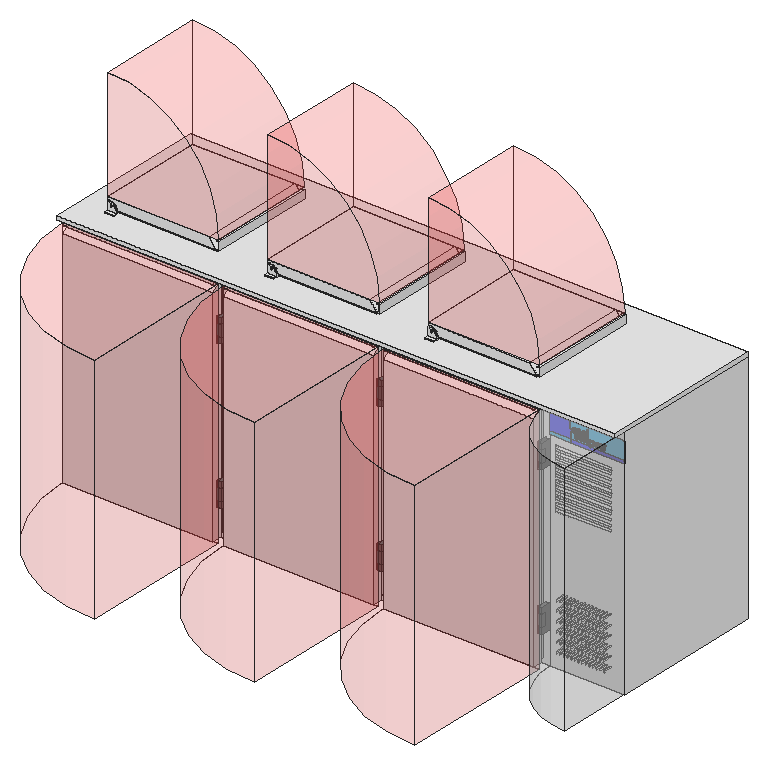
Revit family "QF_Cool-Compact_Abfallkuehler_3x120L_ZK", category Sonderausstattung, Revit 2020 (continued)
Automatic sketch dimensions
  curve 4 to curve 1 = 22.464 mm
  curve 20 to curve 20 = 0.052 mm
  curve 7 to curve 7 = 0.052 mm
  curve 16 to curve 24 = 7.765 mm
  curve 3 to curve 11 = 7.765 mm
  plane 1 "Hinten" to Extrusion 1 sketch curve = 0 mm
  Extrusion 1 sketch curve to plane 3 "Links" = 0 mm
  Extrusion 1 sketch curve to plane 6 "Rechts" = 0 mm
  plane 4 "Vorne" to Extrusion 1 sketch curve = 0 mm
  plane 6 "Rechts" to Extrusion 2 sketch curve = 0 mm
  Extrusion 2 sketch curve to plane 5 "Oben" = 31.491 mm
  Extrusion 2 sketch curve to plane 6 "Rechts" = 925.287 mm
  plane 6 "Rechts" to Extrusion 2 sketch curve = 81.113 mm
  Extrusion 2 sketch curve to Extrusion 2 sketch curve = 2.867 mm  (x2)
  Extrusion 2 sketch curve to Extrusion 2 sketch curve = 4.399 mm  (x3)
  Extrusion 2 sketch curve to Extrusion 2 sketch curve = 1.665 mm
  Extrusion 2 sketch curve to Extrusion 2 sketch curve = 4.578 mm
  Extrusion 2 sketch curve to Extrusion 2 sketch curve = 3.02 mm
  Extrusion 2 sketch curve to Extrusion 2 sketch curve = 1.058 mm
  Extrusion 2 sketch curve to Extrusion 2 sketch curve = 4.077 mm
  Extrusion 2 sketch curve to Extrusion 2 sketch curve = 5.409 mm
  Extrusion 2 sketch curve to Extrusion 2 sketch curve = 5.594 mm
  Extrusion 2 sketch curve to Extrusion 2 sketch curve = 0.116 mm  (x3)
  Extrusion 2 sketch curve to Extrusion 2 sketch curve = 0.154 mm  (x2)
  Extrusion 2 sketch curve to Extrusion 2 sketch curve = 4.715 mm
  Extrusion 2 sketch curve to Extrusion 2 sketch curve = 4.477 mm  (x3)
  Extrusion 2 sketch curve to Extrusion 2 sketch curve = 2.31 mm
  Extrusion 2 sketch curve to Extrusion 2 sketch curve = 6.516 mm
  Extrusion 2 sketch curve to Extrusion 2 sketch curve = 4.398 mm  (x4)
  Extrusion 2 sketch curve to Extrusion 2 sketch curve = 4.366 mm
  Extrusion 2 sketch curve to Extrusion 2 sketch curve = 4.405 mm  (x2)
  Extrusion 2 sketch curve to Extrusion 2 sketch curve = 0.349 mm
  Extrusion 2 sketch curve to Extrusion 2 sketch curve = 0.388 mm
  Extrusion 2 sketch curve to Extrusion 2 sketch curve = 4.476 mm
  Extrusion 2 sketch curve to Extrusion 2 sketch curve = 2.307 mm
  Extrusion 2 sketch curve to plane 5 "Oben" = 97.913 mm  (x2)
  Extrusion 2 sketch curve to Extrusion 2 sketch curve = 4.017 mm  (x2)
  Extrusion 2 sketch curve to Extrusion 2 sketch curve = 4.056 mm
  Extrusion 2 sketch curve to Extrusion 2 sketch curve = 0.348 mm
  Extrusion 2 sketch curve to Extrusion 2 sketch curve = 0.426 mm  (x2)
  Extrusion 2 sketch curve to Extrusion 2 sketch curve = 4.753 mm
  Extrusion 2 sketch curve to Extrusion 2 sketch curve = 4.792 mm
  Extrusion 2 sketch curve to Extrusion 2 sketch curve = 4.599 mm
  Extrusion 2 sketch curve to Extrusion 2 sketch curve = 4.4 mm  (x2)
  Extrusion 2 sketch curve to Extrusion 2 sketch curve = 7.484 mm
  Extrusion 2 sketch curve to plane 5 "Oben" = 100.467 mm
  Extrusion 2 sketch curve to Extrusion 2 sketch curve = 4.102 mm
  Extrusion 2 sketch curve to Extrusion 2 sketch curve = 9.001 mm
  Extrusion 2 sketch curve to Extrusion 2 sketch curve = 0.138 mm
  Extrusion 2 sketch curve to plane 5 "Oben" = 102.079 mm  (x2)
  Extrusion 2 sketch curve to Extrusion 2 sketch curve = 2.081 mm
  Extrusion 2 sketch curve to Extrusion 2 sketch curve = 4.704 mm
  Extrusion 2 sketch curve to Extrusion 2 sketch curve = 4.26 mm
  Extrusion 2 sketch curve to plane 5 "Oben" = 105.672 mm
  Extrusion 2 sketch curve to plane 5 "Oben" = 79.712 mm  (x2)
  Extrusion 2 sketch curve to Extrusion 2 sketch curve = 3.485 mm
  Extrusion 2 sketch curve to plane 5 "Oben" = 88.818 mm  (x2)
  Extrusion 2 sketch curve to Extrusion 2 sketch curve = 3.489 mm
  Extrusion 2 sketch curve to plane 5 "Oben" = 82.525 mm
  Extrusion 2 sketch curve to Extrusion 2 sketch curve = 0.129 mm  (x3)
  Extrusion 2 sketch curve to plane 5 "Oben" = 86.007 mm  (x2)
  Extrusion 2 sketch curve to Extrusion 2 sketch curve = 1.309 mm
  Extrusion 2 sketch curve to plane 5 "Oben" = 83.879 mm  (x4)
  Extrusion 2 sketch curve to Extrusion 2 sketch curve = 0.953 mm
  Extrusion 2 sketch curve to plane 5 "Oben" = 84.656 mm  (x4)
  Extrusion 2 sketch curve to Extrusion 2 sketch curve = 0.003 mm
  Extrusion 2 sketch curve to plane 5 "Oben" = 90.448 mm
  Extrusion 2 sketch curve to Extrusion 2 sketch curve = 1.087 mm
  Extrusion 2 sketch curve to plane 5 "Oben" = 78.118 mm  (x2)
  Extrusion 2 sketch curve to Extrusion 2 sketch curve = 1.094 mm  (x2)
  Extrusion 2 sketch curve to Extrusion 2 sketch curve = 0.771 mm
  Extrusion 2 sketch curve to plane 5 "Oben" = 87.278 mm  (x2)
  Extrusion 2 sketch curve to Extrusion 2 sketch curve = 2.594 mm  (x3)
  Extrusion 2 sketch curve to plane 5 "Oben" = 81.282 mm  (x2)
  Extrusion 2 sketch curve to Extrusion 2 sketch curve = 2.598 mm
  Extrusion 2 sketch curve to plane 5 "Oben" = 91.933 mm  (x4)
  Extrusion 2 sketch curve to Extrusion 2 sketch curve = 2.503 mm
  Extrusion 2 sketch curve to plane 5 "Oben" = 76.602 mm  (x4)
  Extrusion 2 sketch curve to Extrusion 2 sketch curve = 2.501 mm
  Extrusion 2 sketch curve to plane 5 "Oben" = 88.894 mm  (x4)
  Extrusion 2 sketch curve to Extrusion 2 sketch curve = 0.981 mm  (x6)
  Extrusion 2 sketch curve to plane 5 "Oben" = 79.672 mm  (x4)
  Extrusion 2 sketch curve to plane 5 "Oben" = 103.367 mm
  Extrusion 2 sketch curve to Extrusion 2 sketch curve = 2.245 mm
  Extrusion 2 sketch curve to plane 5 "Oben" = 82.247 mm  (x4)
  Extrusion 2 sketch curve to Extrusion 2 sketch curve = 1.741 mm  (x4)
  Extrusion 2 sketch curve to plane 5 "Oben" = 86.316 mm  (x4)
  Extrusion 2 sketch curve to plane 5 "Oben" = 106.446 mm
  Extrusion 2 sketch curve to Extrusion 2 sketch curve = 0.494 mm
  Extrusion 2 sketch curve to Extrusion 2 sketch curve = 2.738 mm
  Extrusion 2 sketch curve to plane 5 "Oben" = 91.415 mm  (x2)
  Extrusion 2 sketch curve to Extrusion 2 sketch curve = 1.555 mm  (x2)
  Extrusion 2 sketch curve to plane 5 "Oben" = 77.12 mm  (x3)
  Extrusion 2 sketch curve to plane 5 "Oben" = 80.725 mm  (x4)
  Extrusion 2 sketch curve to Extrusion 2 sketch curve = 0.954 mm  (x7)
  Extrusion 2 sketch curve to plane 5 "Oben" = 87.84 mm  (x4)
  Extrusion 2 sketch curve to plane 5 "Oben" = 91.915 mm  (x4)
  Extrusion 2 sketch curve to Extrusion 2 sketch curve = 0.531 mm  (x3)
  Extrusion 2 sketch curve to plane 5 "Oben" = 76.618 mm  (x2)
  Extrusion 2 sketch curve to Extrusion 2 sketch curve = 0.532 mm
  Extrusion 2 sketch curve to plane 5 "Oben" = 75.11 mm  (x4)
  Extrusion 2 sketch curve to Extrusion 2 sketch curve = 0.654 mm  (x3)
  Extrusion 2 sketch curve to plane 5 "Oben" = 93.425 mm
  Extrusion 2 sketch curve to Extrusion 2 sketch curve = 0.656 mm
  Extrusion 2 sketch curve to plane 5 "Oben" = 84.27 mm  (x4)
  Extrusion 2 sketch curve to Extrusion 2 sketch curve = 3.614 mm
  Extrusion 2 sketch curve to Extrusion 2 sketch curve = 2.441 mm  (x3)
  Extrusion 2 sketch curve to plane 5 "Oben" = 94.939 mm  (x2)
  Extrusion 2 sketch curve to plane 5 "Oben" = 76.746 mm  (x4)
  Extrusion 2 sketch curve to Extrusion 2 sketch curve = 2.496 mm  (x4)
  Extrusion 2 sketch curve to plane 5 "Oben" = 91.79 mm  (x4)
  Extrusion 2 sketch curve to Extrusion 2 sketch curve = 0.01 mm  (x2)
  Extrusion 2 sketch curve to plane 5 "Oben" = 89.829 mm  (x3)
  Extrusion 2 sketch curve to Extrusion 2 sketch curve = 1.675 mm  (x2)
  Extrusion 2 sketch curve to Extrusion 2 sketch curve = 1.695 mm  (x2)
  Extrusion 2 sketch curve to Extrusion 2 sketch curve = 1.805 mm  (x4)
  Extrusion 2 sketch curve to plane 5 "Oben" = 73.597 mm
  Extrusion 2 sketch curve to Extrusion 2 sketch curve = 0.76 mm  (x3)
  Extrusion 2 sketch curve to plane 5 "Oben" = 102.099 mm
  Extrusion 2 sketch curve to Extrusion 2 sketch curve = 2.748 mm
  Extrusion 2 sketch curve to plane 5 "Oben" = 111.205 mm
  Extrusion 2 sketch curve to Extrusion 2 sketch curve = 2.75 mm
  Extrusion 2 sketch curve to plane 5 "Oben" = 104.912 mm
  Extrusion 2 sketch curve to Extrusion 2 sketch curve = 0.128 mm
  Extrusion 2 sketch curve to plane 5 "Oben" = 108.395 mm  (x2)
  Extrusion 2 sketch curve to plane 5 "Oben" = 107.041 mm  (x2)
  Extrusion 2 sketch curve to Extrusion 2 sketch curve = 0.95 mm
  Extrusion 2 sketch curve to plane 5 "Oben" = 106.264 mm  (x2)
  Extrusion 2 sketch curve to Extrusion 2 sketch curve = 0 mm  (x8)
  Extrusion 2 sketch curve to plane 5 "Oben" = 112.835 mm
  Extrusion 2 sketch curve to Extrusion 2 sketch curve = 1.086 mm
  Extrusion 2 sketch curve to plane 5 "Oben" = 100.506 mm
  Extrusion 2 sketch curve to Extrusion 2 sketch curve = 1.092 mm
  Extrusion 2 sketch curve to Extrusion 2 sketch curve = 2.442 mm  (x9)
  Extrusion 2 sketch curve to plane 5 "Oben" = 93.426 mm  (x3)
  Extrusion 2 sketch curve to Extrusion 2 sketch curve = 0.653 mm  (x4)
  Extrusion 2 sketch curve to Extrusion 2 sketch curve = 3.391 mm  (x2)
  Extrusion 2 sketch curve to plane 5 "Oben" = 77.119 mm
  Extrusion 2 sketch curve to Extrusion 2 sketch curve = 0.534 mm  (x2)
  Extrusion 2 sketch curve to plane 5 "Oben" = 91.417 mm  (x2)
  Extrusion 2 sketch curve to plane 5 "Oben" = 109.664 mm
  Extrusion 2 sketch curve to plane 5 "Oben" = 103.668 mm
  Extrusion 2 sketch curve to Extrusion 2 sketch curve = 2.597 mm  (x2)
  Extrusion 2 sketch curve to Extrusion 2 sketch curve = 0.982 mm  (x4)
  Extrusion 2 sketch curve to Extrusion 2 sketch curve = 0.984 mm  (x2)
  Extrusion 2 sketch curve to plane 5 "Oben" = 98.987 mm  (x2)
  Extrusion 2 sketch curve to Extrusion 2 sketch curve = 2.5 mm  (x2)
  Extrusion 2 sketch curve to plane 5 "Oben" = 114.319 mm  (x2)
  Extrusion 2 sketch curve to Extrusion 2 sketch curve = 2.504 mm  (x2)
  Extrusion 2 sketch curve to plane 5 "Oben" = 111.28 mm  (x2)
  Extrusion 2 sketch curve to plane 5 "Oben" = 102.057 mm  (x2)
  Extrusion 2 sketch curve to Extrusion 2 sketch curve = 1.553 mm  (x2)
  Extrusion 2 sketch curve to plane 5 "Oben" = 104.634 mm  (x2)
  Extrusion 2 sketch curve to Extrusion 2 sketch curve = 1.74 mm  (x3)
  Extrusion 2 sketch curve to plane 5 "Oben" = 108.703 mm  (x2)
  Extrusion 2 sketch curve to plane 5 "Oben" = 87.279 mm
  Extrusion 2 sketch curve to Extrusion 2 sketch curve = 0.955 mm  (x4)
  Extrusion 2 sketch curve to plane 5 "Oben" = 81.28 mm  (x2)
  Extrusion 2 sketch curve to Extrusion 2 sketch curve = 0.956 mm  (x3)
  Extrusion 2 sketch curve to plane 5 "Oben" = 99.506 mm  (x2)
  Extrusion 2 sketch curve to Extrusion 2 sketch curve = 1.556 mm  (x2)
  Extrusion 2 sketch curve to plane 5 "Oben" = 113.803 mm  (x2)
  Extrusion 2 sketch curve to plane 5 "Oben" = 110.227 mm  (x2)
  Extrusion 2 sketch curve to plane 5 "Oben" = 103.111 mm  (x2)
  Extrusion 2 sketch curve to plane 5 "Oben" = 99.004 mm  (x2)
  Extrusion 2 sketch curve to plane 5 "Oben" = 114.302 mm  (x2)
  Extrusion 2 sketch curve to plane 5 "Oben" = 115.812 mm  (x2)
  Extrusion 2 sketch curve to plane 5 "Oben" = 97.498 mm  (x2)
  Extrusion 2 sketch curve to plane 5 "Oben" = 78.115 mm  (x2)
  Extrusion 2 sketch curve to Extrusion 2 sketch curve = 2.506 mm  (x2)
  Extrusion 2 sketch curve to plane 5 "Oben" = 90.452 mm  (x2)
  Extrusion 2 sketch curve to Extrusion 2 sketch curve = 2.51 mm
  Extrusion 2 sketch curve to Extrusion 2 sketch curve = 1.67 mm  (x3)
  Extrusion 2 sketch curve to Extrusion 2 sketch curve = 0.002 mm  (x3)
  Extrusion 2 sketch curve to plane 5 "Oben" = 86.008 mm  (x2)
  Extrusion 2 sketch curve to plane 5 "Oben" = 82.523 mm
  Extrusion 2 sketch curve to Extrusion 2 sketch curve = 0.952 mm  (x4)
  Extrusion 2 sketch curve to plane 5 "Oben" = 88.814 mm
  Extrusion 2 sketch curve to Extrusion 2 sketch curve = 1.045 mm
  Extrusion 2 sketch curve to plane 5 "Oben" = 79.716 mm  (x2)
  Extrusion 2 sketch curve to Extrusion 2 sketch curve = 1.05 mm
  Extrusion 2 sketch curve to plane 5 "Oben" = 106.656 mm  (x2)
  Extrusion 2 sketch curve to Extrusion 2 sketch curve = 3.613 mm
  Extrusion 2 sketch curve to plane 5 "Oben" = 117.325 mm
  Extrusion 2 sketch curve to plane 5 "Oben" = 114.175 mm  (x2)
  Extrusion 2 sketch curve to Extrusion 2 sketch curve = 2.495 mm  (x2)
  Extrusion 2 sketch curve to plane 5 "Oben" = 99.133 mm  (x2)
  Extrusion 2 sketch curve to plane 5 "Oben" = 101.12 mm  (x2)
  Extrusion 2 sketch curve to Extrusion 2 sketch curve = 0.012 mm  (x2)
  Extrusion 2 sketch curve to plane 5 "Oben" = 108.19 mm
  Extrusion 2 sketch curve to Extrusion 2 sketch curve = 0.762 mm
  Extrusion 2 sketch curve to plane 5 "Oben" = 108.192 mm
  Extrusion 2 sketch curve to Extrusion 2 sketch curve = 1.673 mm  (x2)
  Extrusion 2 sketch curve to Extrusion 2 sketch curve = 1.696 mm  (x4)
  Extrusion 2 sketch curve to plane 5 "Oben" = 95.983 mm
  Extrusion 2 sketch curve to Extrusion 2 sketch curve = 0.761 mm
  Extrusion 2 sketch curve to Extrusion 2 sketch curve = 4.013 mm
  Extrusion 2 sketch curve to plane 5 "Oben" = 82.524 mm  (x2)
  Extrusion 2 sketch curve to Extrusion 2 sketch curve = 0.13 mm  (x2)
  Extrusion 2 sketch curve to Extrusion 2 sketch curve = 0.001 mm  (x5)
  Extrusion 2 sketch curve to plane 5 "Oben" = 90.449 mm
  Extrusion 2 sketch curve to Extrusion 2 sketch curve = 1.088 mm
  Extrusion 2 sketch curve to Extrusion 2 sketch curve = 0.652 mm  (x4)
  Extrusion 2 sketch curve to Extrusion 2 sketch curve = 3.392 mm  (x4)
  Extrusion 2 sketch curve to Extrusion 2 sketch curve = 0.535 mm  (x4)
  Extrusion 2 sketch curve to Extrusion 2 sketch curve = 1.742 mm  (x3)
  Extrusion 2 sketch curve to Extrusion 2 sketch curve = 1.552 mm  (x3)
  Extrusion 2 sketch curve to Extrusion 2 sketch curve = 1.739 mm  (x2)
  Extrusion 2 sketch curve to plane 5 "Oben" = 109.665 mm
  Extrusion 2 sketch curve to plane 5 "Oben" = 103.667 mm
  Extrusion 2 sketch curve to Extrusion 2 sketch curve = 1.554 mm  (x2)
  Extrusion 2 sketch curve to plane 5 "Oben" = 76.617 mm  (x2)
  Extrusion 2 sketch curve to Extrusion 2 sketch curve = 0.533 mm  (x2)
  Extrusion 2 sketch curve to plane 5 "Oben" = 100.502 mm
  Extrusion 2 sketch curve to plane 5 "Oben" = 112.839 mm
  Extrusion 2 sketch curve to Extrusion 2 sketch curve = 2.511 mm
  Extrusion 2 sketch curve to plane 5 "Oben" = 104.91 mm
  Extrusion 2 sketch curve to plane 5 "Oben" = 111.201 mm
  Extrusion 2 sketch curve to Extrusion 2 sketch curve = 1.044 mm
  Extrusion 2 sketch curve to plane 5 "Oben" = 102.102 mm
  Extrusion 2 sketch curve to Extrusion 2 sketch curve = 1.052 mm  (x2)
  Extrusion 2 sketch curve to Extrusion 2 sketch curve = 3.616 mm
  Extrusion 2 sketch curve to plane 5 "Oben" = 82.761 mm
  Extrusion 2 sketch curve to Extrusion 2 sketch curve = 1.674 mm  (x2)
  Extrusion 2 sketch curve to plane 5 "Oben" = 82.76 mm
  Extrusion 2 sketch curve to Extrusion 2 sketch curve = 1.806 mm  (x2)
  Extrusion 2 sketch curve to plane 5 "Oben" = 114.701 mm
  Extrusion 2 sketch curve to Extrusion 2 sketch curve = 4.466 mm
  Extrusion 2 sketch curve to plane 5 "Oben" = 99.594 mm
  Extrusion 2 sketch curve to Extrusion 2 sketch curve = 3.522 mm
  Extrusion 2 sketch curve to plane 5 "Oben" = 109.811 mm
  Extrusion 2 sketch curve to Extrusion 2 sketch curve = 4.467 mm
  Extrusion 2 sketch curve to plane 5 "Oben" = 104.487 mm
  Extrusion 2 sketch curve to Extrusion 2 sketch curve = 4.663 mm
  Extrusion 2 sketch curve to Extrusion 2 sketch curve = 1.551 mm
  Extrusion 2 sketch curve to plane 5 "Oben" = 97.952 mm
  Extrusion 2 sketch curve to Extrusion 2 sketch curve = 5.4 mm
  Extrusion 2 sketch curve to plane 5 "Oben" = 87.28 mm
  Extrusion 2 sketch curve to Extrusion 2 sketch curve = 0.957 mm
  Extrusion 2 sketch curve to plane 5 "Oben" = 116.49 mm
  Extrusion 2 sketch curve to Extrusion 2 sketch curve = 5.581 mm
  Extrusion 2 sketch curve to plane 5 "Oben" = 102.118 mm
  Extrusion 2 sketch curve to plane 5 "Oben" = 112.323 mm
  Extrusion 2 sketch curve to Extrusion 2 sketch curve = 0.155 mm
  Extrusion 2 sketch curve to Extrusion 2 sketch curve = 2.505 mm
  Extrusion 2 sketch curve to Extrusion 2 sketch curve = 2.509 mm
  Extrusion 2 sketch curve to plane 5 "Oben" = 88.815 mm
  Extrusion 2 sketch curve to Extrusion 2 sketch curve = 1.047 mm
  Extrusion 2 sketch curve to plane 5 "Oben" = 107.221 mm
  Extrusion 2 sketch curve to Extrusion 2 sketch curve = 4.714 mm
  Extrusion 2 sketch curve to plane 5 "Oben" = 92.164 mm
  Extrusion 2 sketch curve to Extrusion 2 sketch curve = 3.501 mm
  Extrusion 2 sketch curve to plane 5 "Oben" = 77.076 mm
  Extrusion 2 sketch curve to Extrusion 2 sketch curve = 3.604 mm
  Extrusion 2 sketch curve to plane 5 "Oben" = 87.289 mm
  Extrusion 2 sketch curve to Extrusion 2 sketch curve = 4.543 mm
  Extrusion 2 sketch curve to plane 5 "Oben" = 81.954 mm
  Extrusion 2 sketch curve to Extrusion 2 sketch curve = 4.743 mm
  Extrusion 2 sketch curve to plane 5 "Oben" = 107.26 mm
  Extrusion 2 sketch curve to plane 5 "Oben" = 75.433 mm
  Extrusion 2 sketch curve to Extrusion 2 sketch curve = 5.404 mm
  Extrusion 2 sketch curve to plane 5 "Oben" = 93.954 mm
  Extrusion 2 sketch curve to Extrusion 2 sketch curve = 5.586 mm
  Extrusion 2 sketch curve to plane 5 "Oben" = 79.583 mm
  Extrusion 2 sketch curve to Extrusion 2 sketch curve = 0.115 mm
  Extrusion 2 sketch curve to plane 5 "Oben" = 89.805 mm
  Extrusion 2 sketch curve to plane 5 "Oben" = 84.694 mm
  Extrusion 2 sketch curve to Extrusion 2 sketch curve = 4.722 mm
  Extrusion 2 sketch curve to plane 5 "Oben" = 84.733 mm
  Extrusion 2 sketch curve to Extrusion 2 sketch curve = 4.46 mm
  Extrusion 2 sketch curve to Extrusion 2 sketch curve = 17.959 mm
  Extrusion 2 sketch curve to plane 5 "Oben" = 48.1 mm
  Extrusion 2 sketch curve to Extrusion 2 sketch curve = 19.29 mm
  Extrusion 2 sketch curve to Extrusion 2 sketch curve = 76.995 mm
  Extrusion 2 sketch curve to Extrusion 2 sketch curve = 18.577 mm
  Extrusion 2 sketch curve to Extrusion 2 sketch curve = 8.605 mm
  Extrusion 2 sketch curve to Extrusion 2 sketch curve = 10.353 mm
  Extrusion 2 sketch curve to Extrusion 2 sketch curve = 3.19 mm
  Extrusion 2 sketch curve to Extrusion 2 sketch curve = 0.465 mm  (x2)
  Extrusion 2 sketch curve to Extrusion 2 sketch curve = 1.091 mm
  Extrusion 2 sketch curve to Extrusion 2 sketch curve = 1.599 mm
  Extrusion 2 sketch curve to Extrusion 2 sketch curve = 1.328 mm
  Extrusion 2 sketch curve to Extrusion 2 sketch curve = 4.168 mm  (x3)
  Extrusion 2 sketch curve to Extrusion 2 sketch curve = 1.96 mm
  Extrusion 2 sketch curve to Extrusion 2 sketch curve = 4.886 mm
  Extrusion 2 sketch curve to Extrusion 2 sketch curve = 4.908 mm
  Extrusion 2 sketch curve to Extrusion 2 sketch curve = 0.039 mm  (x2)
  Extrusion 2 sketch curve to Extrusion 2 sketch curve = 4.986 mm
  Extrusion 2 sketch curve to Extrusion 2 sketch curve = 8.765 mm
  Extrusion 2 sketch curve to Extrusion 2 sketch curve = 0.271 mm
  Extrusion 2 sketch curve to Extrusion 2 sketch curve = 0.195 mm
  Extrusion 2 sketch curve to Extrusion 2 sketch curve = 0.619 mm
  Extrusion 2 sketch curve to Extrusion 2 sketch curve = 3.359 mm
  Extrusion 2 sketch curve to Extrusion 2 sketch curve = 1.508 mm
  Extrusion 2 sketch curve to Extrusion 2 sketch curve = 5.324 mm
  Extrusion 2 sketch curve to Extrusion 2 sketch curve = 0.969 mm
  Extrusion 2 sketch curve to Extrusion 2 sketch curve = 1.981 mm
  Extrusion 2 sketch curve to Extrusion 2 sketch curve = 2.369 mm
  Extrusion 2 sketch curve to Extrusion 2 sketch curve = 4.947 mm
  Extrusion 2 sketch curve to Extrusion 2 sketch curve = 4.166 mm  (x2)
  Extrusion 2 sketch curve to Extrusion 2 sketch curve = 2.178 mm
  Extrusion 2 sketch curve to Extrusion 2 sketch curve = 2.909 mm
  Extrusion 2 sketch curve to Extrusion 2 sketch curve = 2.609 mm
  Extrusion 2 sketch curve to Extrusion 2 sketch curve = 1.541 mm
  Extrusion 2 sketch curve to Extrusion 2 sketch curve = 1.295 mm
  Extrusion 2 sketch curve to Extrusion 2 sketch curve = 4.205 mm
  Extrusion 2 sketch curve to Extrusion 2 sketch curve = 1.154 mm
  Extrusion 2 sketch curve to Extrusion 2 sketch curve = 3.362 mm
  Extrusion 2 sketch curve to Extrusion 2 sketch curve = 1.17 mm
  Extrusion 2 sketch curve to Extrusion 2 sketch curve = 4.167 mm
  Extrusion 2 sketch curve to Extrusion 2 sketch curve = 4.274 mm
  Extrusion 2 sketch curve to Extrusion 2 sketch curve = 5.812 mm
  Extrusion 2 sketch curve to Extrusion 2 sketch curve = 1.534 mm  (x2)
  Extrusion 2 sketch curve to Extrusion 2 sketch curve = 1.509 mm
  Extrusion 2 sketch curve to Extrusion 2 sketch curve = 1.987 mm  (x2)
  Extrusion 2 sketch curve to Extrusion 2 sketch curve = 1.512 mm
  Extrusion 2 sketch curve to Extrusion 2 sketch curve = 12.852 mm
  plane 6 "Rechts" to Extrusion 3 sketch curve = 0 mm
  Extrusion 3 sketch curve to plane 5 "Oben" = 31.491 mm
  Extrusion 3 sketch curve to plane 6 "Rechts" = 925.287 mm
  Extrusion 3 sketch curve to plane 5 "Oben" = 136.686 mm
  Extrusion 3 sketch curve to Extrusion 3 sketch curve = 231.062 mm
  Extrusion 3 sketch curve to Extrusion 3 sketch curve = 0.996 mm
  Extrusion 4 sketch curve to Extrusion 2 = 0 mm  (x2)
  Extrusion 4 sketch curve to Extrusion 4 sketch curve = 87.942 mm
  plane 6 "Rechts" to Extrusion 5 sketch curve = 81.113 mm
  Extrusion 5 sketch curve to Extrusion 5 sketch curve = 2.867 mm  (x2)
  Extrusion 5 sketch curve to Extrusion 5 sketch curve = 4.399 mm  (x2)
  Extrusion 5 sketch curve to Extrusion 5 sketch curve = 1.665 mm
  Extrusion 5 sketch curve to Extrusion 5 sketch curve = 4.578 mm
  Extrusion 5 sketch curve to Extrusion 5 sketch curve = 3.02 mm
  Extrusion 5 sketch curve to Extrusion 5 sketch curve = 1.058 mm
  Extrusion 5 sketch curve to Extrusion 5 sketch curve = 4.077 mm
  Extrusion 5 sketch curve to Extrusion 5 sketch curve = 5.409 mm
  Extrusion 5 sketch curve to Extrusion 5 sketch curve = 5.594 mm
  Extrusion 5 sketch curve to Extrusion 5 sketch curve = 0.116 mm  (x3)
  Extrusion 5 sketch curve to Extrusion 5 sketch curve = 0.154 mm  (x2)
  Extrusion 5 sketch curve to Extrusion 5 sketch curve = 4.715 mm
  Extrusion 5 sketch curve to Extrusion 5 sketch curve = 4.477 mm  (x3)
  Extrusion 5 sketch curve to Extrusion 5 sketch curve = 2.31 mm
  Extrusion 5 sketch curve to Extrusion 5 sketch curve = 6.516 mm
  Extrusion 5 sketch curve to Extrusion 5 sketch curve = 4.398 mm  (x4)
  Extrusion 5 sketch curve to Extrusion 5 sketch curve = 4.366 mm
  Extrusion 5 sketch curve to Extrusion 5 sketch curve = 4.405 mm  (x2)
  Extrusion 5 sketch curve to Extrusion 5 sketch curve = 0.349 mm
  Extrusion 5 sketch curve to Extrusion 5 sketch curve = 0.388 mm
  Extrusion 5 sketch curve to Extrusion 5 sketch curve = 4.476 mm
  Extrusion 5 sketch curve to Extrusion 5 sketch curve = 2.307 mm
  Extrusion 5 sketch curve to plane 5 "Oben" = 97.913 mm  (x2)
  Extrusion 5 sketch curve to Extrusion 5 sketch curve = 4.017 mm  (x2)
  Extrusion 5 sketch curve to Extrusion 5 sketch curve = 4.056 mm
  Extrusion 5 sketch curve to Extrusion 5 sketch curve = 0.348 mm
  Extrusion 5 sketch curve to Extrusion 5 sketch curve = 0.426 mm  (x2)
  Extrusion 5 sketch curve to Extrusion 5 sketch curve = 4.792 mm
  Extrusion 5 sketch curve to Extrusion 5 sketch curve = 4.753 mm
  Extrusion 5 sketch curve to Extrusion 5 sketch curve = 4.599 mm
  Extrusion 5 sketch curve to Extrusion 5 sketch curve = 4.4 mm  (x2)
  Extrusion 5 sketch curve to Extrusion 5 sketch curve = 7.484 mm
  Extrusion 5 sketch curve to plane 5 "Oben" = 100.467 mm
  Extrusion 5 sketch curve to Extrusion 5 sketch curve = 4.102 mm
  Extrusion 5 sketch curve to plane 5 "Oben" = 105.438 mm
  Extrusion 5 sketch curve to Extrusion 5 sketch curve = 9.001 mm
  Extrusion 5 sketch curve to Extrusion 5 sketch curve = 0.138 mm
  Extrusion 5 sketch curve to plane 5 "Oben" = 102.079 mm  (x2)
  Extrusion 5 sketch curve to Extrusion 5 sketch curve = 2.081 mm
  Extrusion 5 sketch curve to Extrusion 5 sketch curve = 4.704 mm
  Extrusion 5 sketch curve to plane 5 "Oben" = 99.901 mm
  Extrusion 5 sketch curve to Extrusion 5 sketch curve = 4.26 mm
  Extrusion 5 sketch curve to plane 5 "Oben" = 79.712 mm  (x2)
  Extrusion 5 sketch curve to Extrusion 5 sketch curve = 3.485 mm
  Extrusion 5 sketch curve to plane 5 "Oben" = 88.818 mm  (x2)
  Extrusion 5 sketch curve to Extrusion 5 sketch curve = 3.489 mm
  Extrusion 5 sketch curve to plane 5 "Oben" = 82.525 mm
  Extrusion 5 sketch curve to Extrusion 5 sketch curve = 0.129 mm  (x3)
  Extrusion 5 sketch curve to plane 5 "Oben" = 86.007 mm  (x2)
  Extrusion 5 sketch curve to Extrusion 5 sketch curve = 1.309 mm
  Extrusion 5 sketch curve to plane 5 "Oben" = 83.879 mm  (x4)
  Extrusion 5 sketch curve to Extrusion 5 sketch curve = 0.953 mm  (x2)
  Extrusion 5 sketch curve to plane 5 "Oben" = 84.656 mm  (x4)
  Extrusion 5 sketch curve to Extrusion 5 sketch curve = 0.003 mm
  Extrusion 5 sketch curve to plane 5 "Oben" = 90.448 mm
  Extrusion 5 sketch curve to Extrusion 5 sketch curve = 1.087 mm
  Extrusion 5 sketch curve to plane 5 "Oben" = 78.118 mm  (x2)
  Extrusion 5 sketch curve to Extrusion 5 sketch curve = 1.094 mm  (x2)
  Extrusion 5 sketch curve to Extrusion 5 sketch curve = 0.771 mm
  Extrusion 5 sketch curve to plane 5 "Oben" = 81.282 mm  (x2)
  Extrusion 5 sketch curve to Extrusion 5 sketch curve = 2.598 mm
  Extrusion 5 sketch curve to plane 5 "Oben" = 87.278 mm  (x2)
  Extrusion 5 sketch curve to Extrusion 5 sketch curve = 2.594 mm  (x3)
  Extrusion 5 sketch curve to plane 5 "Oben" = 91.933 mm  (x4)
  Extrusion 5 sketch curve to Extrusion 5 sketch curve = 2.503 mm
  Extrusion 5 sketch curve to plane 5 "Oben" = 76.602 mm  (x4)
  Extrusion 5 sketch curve to Extrusion 5 sketch curve = 2.501 mm
  Extrusion 5 sketch curve to plane 5 "Oben" = 88.894 mm  (x4)
  Extrusion 5 sketch curve to Extrusion 5 sketch curve = 0.981 mm  (x6)
  Extrusion 5 sketch curve to plane 5 "Oben" = 79.672 mm  (x4)
  Extrusion 5 sketch curve to plane 5 "Oben" = 103.367 mm
  Extrusion 5 sketch curve to Extrusion 5 sketch curve = 2.245 mm
  Extrusion 5 sketch curve to plane 5 "Oben" = 82.247 mm  (x4)
  Extrusion 5 sketch curve to Extrusion 5 sketch curve = 1.741 mm  (x4)
  Extrusion 5 sketch curve to plane 5 "Oben" = 86.316 mm  (x4)
  Extrusion 5 sketch curve to Extrusion 5 sketch curve = 2.738 mm
  Extrusion 5 sketch curve to Extrusion 5 sketch curve = 4.818 mm
  Extrusion 5 sketch curve to plane 5 "Oben" = 91.415 mm  (x2)
  Extrusion 5 sketch curve to Extrusion 5 sketch curve = 1.555 mm  (x2)
  Extrusion 5 sketch curve to plane 5 "Oben" = 77.12 mm  (x3)
  Extrusion 5 sketch curve to plane 5 "Oben" = 87.84 mm  (x4)
  Extrusion 5 sketch curve to Extrusion 5 sketch curve = 0.954 mm  (x7)
  Extrusion 5 sketch curve to plane 5 "Oben" = 80.725 mm  (x4)
  Extrusion 5 sketch curve to plane 5 "Oben" = 91.915 mm  (x4)
  Extrusion 5 sketch curve to Extrusion 5 sketch curve = 0.531 mm  (x3)
  Extrusion 5 sketch curve to plane 5 "Oben" = 76.618 mm  (x2)
  Extrusion 5 sketch curve to Extrusion 5 sketch curve = 0.532 mm
  Extrusion 5 sketch curve to plane 5 "Oben" = 93.425 mm
  Extrusion 5 sketch curve to Extrusion 5 sketch curve = 0.656 mm
  Extrusion 5 sketch curve to plane 5 "Oben" = 75.11 mm  (x4)
  Extrusion 5 sketch curve to Extrusion 5 sketch curve = 0.654 mm  (x3)
  Extrusion 5 sketch curve to plane 5 "Oben" = 84.27 mm  (x4)
  Extrusion 5 sketch curve to Extrusion 5 sketch curve = 3.614 mm
  Extrusion 5 sketch curve to Extrusion 5 sketch curve = 2.441 mm  (x3)
  Extrusion 5 sketch curve to plane 5 "Oben" = 73.597 mm  (x2)
  Extrusion 5 sketch curve to plane 5 "Oben" = 76.746 mm  (x4)
  Extrusion 5 sketch curve to Extrusion 5 sketch curve = 2.496 mm  (x4)
  Extrusion 5 sketch curve to plane 5 "Oben" = 91.79 mm  (x4)
  Extrusion 5 sketch curve to Extrusion 5 sketch curve = 0.759 mm
  Extrusion 5 sketch curve to Extrusion 5 sketch curve = 0.01 mm
  Extrusion 5 sketch curve to Extrusion 5 sketch curve = 0.144 mm
  Extrusion 5 sketch curve to plane 5 "Oben" = 89.829 mm
  Extrusion 5 sketch curve to Extrusion 5 sketch curve = 1.675 mm  (x2)
  Extrusion 5 sketch curve to Extrusion 5 sketch curve = 1.695 mm  (x2)
  Extrusion 5 sketch curve to Extrusion 5 sketch curve = 1.805 mm  (x4)
  Extrusion 5 sketch curve to Extrusion 5 sketch curve = 0.76 mm  (x4)
  Extrusion 5 sketch curve to plane 5 "Oben" = 102.099 mm
  Extrusion 5 sketch curve to Extrusion 5 sketch curve = 2.748 mm
  Extrusion 5 sketch curve to plane 5 "Oben" = 111.205 mm
  Extrusion 5 sketch curve to Extrusion 5 sketch curve = 2.75 mm
  Extrusion 5 sketch curve to plane 5 "Oben" = 104.912 mm
  Extrusion 5 sketch curve to Extrusion 5 sketch curve = 0.128 mm
  Extrusion 5 sketch curve to plane 5 "Oben" = 108.395 mm  (x2)
  Extrusion 5 sketch curve to plane 5 "Oben" = 106.264 mm  (x2)
  Extrusion 5 sketch curve to plane 5 "Oben" = 107.041 mm  (x2)
  Extrusion 5 sketch curve to Extrusion 5 sketch curve = 0 mm  (x9)
  Extrusion 5 sketch curve to plane 5 "Oben" = 112.835 mm
  Extrusion 5 sketch curve to Extrusion 5 sketch curve = 1.086 mm
  Extrusion 5 sketch curve to plane 5 "Oben" = 100.506 mm
  Extrusion 5 sketch curve to Extrusion 5 sketch curve = 1.092 mm
  Extrusion 5 sketch curve to Extrusion 5 sketch curve = 2.442 mm  (x9)
  Extrusion 5 sketch curve to plane 5 "Oben" = 93.426 mm  (x3)
  Extrusion 5 sketch curve to Extrusion 5 sketch curve = 0.653 mm  (x4)
  Extrusion 5 sketch curve to Extrusion 5 sketch curve = 3.391 mm  (x2)
  Extrusion 5 sketch curve to plane 5 "Oben" = 77.119 mm
  Extrusion 5 sketch curve to Extrusion 5 sketch curve = 0.534 mm  (x2)
  Extrusion 5 sketch curve to plane 5 "Oben" = 91.417 mm  (x2)
  Extrusion 5 sketch curve to plane 5 "Oben" = 109.664 mm
  Extrusion 5 sketch curve to plane 5 "Oben" = 103.668 mm
  Extrusion 5 sketch curve to Extrusion 5 sketch curve = 2.597 mm  (x2)
  Extrusion 5 sketch curve to Extrusion 5 sketch curve = 0.982 mm  (x4)
  Extrusion 5 sketch curve to Extrusion 5 sketch curve = 0.984 mm  (x2)
  Extrusion 5 sketch curve to plane 5 "Oben" = 98.987 mm  (x2)
  Extrusion 5 sketch curve to Extrusion 5 sketch curve = 2.5 mm  (x2)
  Extrusion 5 sketch curve to plane 5 "Oben" = 114.319 mm  (x2)
  Extrusion 5 sketch curve to Extrusion 5 sketch curve = 2.504 mm  (x2)
  Extrusion 5 sketch curve to plane 5 "Oben" = 111.28 mm  (x2)
  Extrusion 5 sketch curve to plane 5 "Oben" = 102.057 mm  (x2)
  Extrusion 5 sketch curve to Extrusion 5 sketch curve = 1.553 mm  (x2)
  Extrusion 5 sketch curve to plane 5 "Oben" = 104.634 mm  (x2)
  Extrusion 5 sketch curve to Extrusion 5 sketch curve = 1.74 mm  (x3)
  Extrusion 5 sketch curve to plane 5 "Oben" = 108.703 mm  (x2)
  Extrusion 5 sketch curve to plane 5 "Oben" = 87.279 mm
  Extrusion 5 sketch curve to Extrusion 5 sketch curve = 0.955 mm  (x4)
  Extrusion 5 sketch curve to plane 5 "Oben" = 81.28 mm  (x2)
  Extrusion 5 sketch curve to Extrusion 5 sketch curve = 0.956 mm  (x3)
  Extrusion 5 sketch curve to plane 5 "Oben" = 99.506 mm  (x2)
  Extrusion 5 sketch curve to Extrusion 5 sketch curve = 1.556 mm  (x2)
  Extrusion 5 sketch curve to plane 5 "Oben" = 113.803 mm  (x2)
  Extrusion 5 sketch curve to plane 5 "Oben" = 110.227 mm  (x2)
  Extrusion 5 sketch curve to plane 5 "Oben" = 103.111 mm  (x2)
  Extrusion 5 sketch curve to plane 5 "Oben" = 114.302 mm  (x2)
  Extrusion 5 sketch curve to plane 5 "Oben" = 99.004 mm  (x2)
  Extrusion 5 sketch curve to plane 5 "Oben" = 97.498 mm  (x2)
  Extrusion 5 sketch curve to plane 5 "Oben" = 115.812 mm  (x2)
  Extrusion 5 sketch curve to plane 5 "Oben" = 78.115 mm  (x2)
  Extrusion 5 sketch curve to Extrusion 5 sketch curve = 2.506 mm  (x2)
  Extrusion 5 sketch curve to plane 5 "Oben" = 90.452 mm  (x2)
  Extrusion 5 sketch curve to Extrusion 5 sketch curve = 2.51 mm
  Extrusion 5 sketch curve to Extrusion 5 sketch curve = 1.67 mm  (x3)
  Extrusion 5 sketch curve to Extrusion 5 sketch curve = 0.002 mm  (x3)
  Extrusion 5 sketch curve to plane 5 "Oben" = 86.008 mm  (x2)
  Extrusion 5 sketch curve to plane 5 "Oben" = 82.523 mm
  Extrusion 5 sketch curve to Extrusion 5 sketch curve = 0.952 mm  (x4)
  Extrusion 5 sketch curve to plane 5 "Oben" = 88.814 mm
  Extrusion 5 sketch curve to Extrusion 5 sketch curve = 1.045 mm
  Extrusion 5 sketch curve to plane 5 "Oben" = 79.716 mm  (x2)
  Extrusion 5 sketch curve to Extrusion 5 sketch curve = 1.05 mm
  Extrusion 5 sketch curve to plane 5 "Oben" = 106.656 mm  (x2)
  Extrusion 5 sketch curve to Extrusion 5 sketch curve = 3.613 mm
  Extrusion 5 sketch curve to plane 5 "Oben" = 117.325 mm
  Extrusion 5 sketch curve to plane 5 "Oben" = 99.133 mm  (x2)
  Extrusion 5 sketch curve to Extrusion 5 sketch curve = 2.495 mm  (x2)
  Extrusion 5 sketch curve to plane 5 "Oben" = 114.175 mm  (x2)
  Extrusion 5 sketch curve to plane 5 "Oben" = 108.19 mm
  Extrusion 5 sketch curve to Extrusion 5 sketch curve = 0.762 mm  (x2)
  Extrusion 5 sketch curve to plane 5 "Oben" = 105.148 mm
  Extrusion 5 sketch curve to plane 5 "Oben" = 105.146 mm
  Extrusion 5 sketch curve to Extrusion 5 sketch curve = 1.673 mm  (x2)
  Extrusion 5 sketch curve to plane 5 "Oben" = 108.192 mm
  Extrusion 5 sketch curve to Extrusion 5 sketch curve = 1.696 mm  (x4)
  Extrusion 5 sketch curve to plane 5 "Oben" = 95.983 mm
  Extrusion 5 sketch curve to Extrusion 5 sketch curve = 0.761 mm
  Extrusion 5 sketch curve to Extrusion 5 sketch curve = 4.013 mm
  Extrusion 5 sketch curve to plane 5 "Oben" = 82.524 mm  (x2)
  Extrusion 5 sketch curve to Extrusion 5 sketch curve = 0.13 mm  (x2)
  Extrusion 5 sketch curve to Extrusion 5 sketch curve = 0.001 mm  (x6)
  Extrusion 5 sketch curve to plane 5 "Oben" = 90.449 mm
  Extrusion 5 sketch curve to Extrusion 5 sketch curve = 1.088 mm
  Extrusion 5 sketch curve to Extrusion 5 sketch curve = 0.652 mm  (x4)
  Extrusion 5 sketch curve to Extrusion 5 sketch curve = 3.392 mm  (x4)
  Extrusion 5 sketch curve to Extrusion 5 sketch curve = 0.535 mm  (x4)
  Extrusion 5 sketch curve to Extrusion 5 sketch curve = 1.742 mm  (x3)
  Extrusion 5 sketch curve to Extrusion 5 sketch curve = 1.552 mm  (x3)
  Extrusion 5 sketch curve to Extrusion 5 sketch curve = 1.739 mm  (x2)
  Extrusion 5 sketch curve to plane 5 "Oben" = 109.665 mm
  Extrusion 5 sketch curve to plane 5 "Oben" = 103.667 mm
  Extrusion 5 sketch curve to Extrusion 5 sketch curve = 1.554 mm  (x2)
  Extrusion 5 sketch curve to Extrusion 5 sketch curve = 0.533 mm  (x2)
  Extrusion 5 sketch curve to plane 5 "Oben" = 76.617 mm  (x2)
  Extrusion 5 sketch curve to plane 5 "Oben" = 100.502 mm
  Extrusion 5 sketch curve to plane 5 "Oben" = 112.839 mm
  Extrusion 5 sketch curve to Extrusion 5 sketch curve = 2.511 mm
  Extrusion 5 sketch curve to plane 5 "Oben" = 104.91 mm
  Extrusion 5 sketch curve to plane 5 "Oben" = 111.201 mm
  Extrusion 5 sketch curve to Extrusion 5 sketch curve = 1.044 mm
  Extrusion 5 sketch curve to plane 5 "Oben" = 102.102 mm
  Extrusion 5 sketch curve to Extrusion 5 sketch curve = 1.052 mm  (x2)
  Extrusion 5 sketch curve to Extrusion 5 sketch curve = 3.616 mm
  Extrusion 5 sketch curve to plane 5 "Oben" = 85.803 mm
  Extrusion 5 sketch curve to Extrusion 5 sketch curve = 1.674 mm  (x2)
  Extrusion 5 sketch curve to Extrusion 5 sketch curve = 1.806 mm  (x2)
  Extrusion 5 sketch curve to plane 5 "Oben" = 94.939 mm
  Extrusion 5 sketch curve to plane 5 "Oben" = 114.701 mm
  Extrusion 5 sketch curve to Extrusion 5 sketch curve = 4.466 mm
  Extrusion 5 sketch curve to plane 5 "Oben" = 99.594 mm
  Extrusion 5 sketch curve to Extrusion 5 sketch curve = 3.522 mm
  Extrusion 5 sketch curve to plane 5 "Oben" = 109.811 mm
  Extrusion 5 sketch curve to Extrusion 5 sketch curve = 4.467 mm
  Extrusion 5 sketch curve to plane 5 "Oben" = 104.487 mm
  Extrusion 5 sketch curve to Extrusion 5 sketch curve = 4.663 mm
  Extrusion 5 sketch curve to Extrusion 5 sketch curve = 1.551 mm
  Extrusion 5 sketch curve to plane 5 "Oben" = 97.952 mm
  Extrusion 5 sketch curve to Extrusion 5 sketch curve = 5.4 mm
  Extrusion 5 sketch curve to plane 5 "Oben" = 87.28 mm
  Extrusion 5 sketch curve to Extrusion 5 sketch curve = 0.957 mm
  Extrusion 5 sketch curve to plane 5 "Oben" = 116.49 mm
  Extrusion 5 sketch curve to Extrusion 5 sketch curve = 5.581 mm
  Extrusion 5 sketch curve to plane 5 "Oben" = 102.118 mm
  Extrusion 5 sketch curve to plane 5 "Oben" = 112.323 mm
  Extrusion 5 sketch curve to Extrusion 5 sketch curve = 0.155 mm
  Extrusion 5 sketch curve to Extrusion 5 sketch curve = 2.505 mm
  Extrusion 5 sketch curve to Extrusion 5 sketch curve = 2.509 mm
  Extrusion 5 sketch curve to plane 5 "Oben" = 88.815 mm
  Extrusion 5 sketch curve to Extrusion 5 sketch curve = 1.047 mm
  Extrusion 5 sketch curve to plane 5 "Oben" = 107.221 mm
  Extrusion 5 sketch curve to Extrusion 5 sketch curve = 4.714 mm
  Extrusion 5 sketch curve to plane 5 "Oben" = 92.164 mm
  Extrusion 5 sketch curve to Extrusion 5 sketch curve = 3.501 mm
  Extrusion 5 sketch curve to plane 5 "Oben" = 77.076 mm
  Extrusion 5 sketch curve to Extrusion 5 sketch curve = 3.604 mm
  Extrusion 5 sketch curve to plane 5 "Oben" = 87.289 mm
  Extrusion 5 sketch curve to Extrusion 5 sketch curve = 4.543 mm
  Extrusion 5 sketch curve to plane 5 "Oben" = 81.954 mm
  Extrusion 5 sketch curve to Extrusion 5 sketch curve = 4.743 mm
  Extrusion 5 sketch curve to plane 5 "Oben" = 107.26 mm
  Extrusion 5 sketch curve to plane 5 "Oben" = 75.433 mm
  Extrusion 5 sketch curve to Extrusion 5 sketch curve = 5.404 mm
  Extrusion 5 sketch curve to plane 5 "Oben" = 93.954 mm
  Extrusion 5 sketch curve to Extrusion 5 sketch curve = 5.586 mm
  Extrusion 5 sketch curve to plane 5 "Oben" = 79.583 mm
  Extrusion 5 sketch curve to Extrusion 5 sketch curve = 0.115 mm
  Extrusion 5 sketch curve to plane 5 "Oben" = 89.805 mm
  Extrusion 5 sketch curve to plane 5 "Oben" = 84.694 mm
  Extrusion 5 sketch curve to Extrusion 5 sketch curve = 4.722 mm
  Extrusion 5 sketch curve to plane 5 "Oben" = 84.733 mm
  Extrusion 5 sketch curve to Extrusion 5 sketch curve = 4.46 mm
  Extrusion 5 sketch curve to Extrusion 5 sketch curve = 19.651 mm
  Extrusion 5 sketch curve to Extrusion 5 sketch curve = 18.577 mm
  Extrusion 5 sketch curve to Extrusion 5 sketch curve = 8.6 mm
  Extrusion 5 sketch curve to Extrusion 5 sketch curve = 10.586 mm
  Extrusion 5 sketch curve to Extrusion 5 sketch curve = 3.19 mm
  Extrusion 5 sketch curve to Extrusion 5 sketch curve = 0.465 mm  (x2)
  Extrusion 5 sketch curve to Extrusion 5 sketch curve = 1.091 mm
  Extrusion 5 sketch curve to Extrusion 5 sketch curve = 1.599 mm
  Extrusion 5 sketch curve to Extrusion 5 sketch curve = 1.328 mm
  Extrusion 5 sketch curve to Extrusion 5 sketch curve = 4.168 mm  (x3)
  Extrusion 5 sketch curve to Extrusion 5 sketch curve = 1.96 mm
  Extrusion 5 sketch curve to Extrusion 5 sketch curve = 4.886 mm
  Extrusion 5 sketch curve to Extrusion 5 sketch curve = 4.908 mm
  Extrusion 5 sketch curve to Extrusion 5 sketch curve = 0.039 mm  (x2)
  Extrusion 5 sketch curve to Extrusion 5 sketch curve = 4.986 mm
  Extrusion 5 sketch curve to Extrusion 5 sketch curve = 8.765 mm
  Extrusion 5 sketch curve to Extrusion 5 sketch curve = 0.271 mm
  Extrusion 5 sketch curve to Extrusion 5 sketch curve = 0.195 mm
  Extrusion 5 sketch curve to Extrusion 5 sketch curve = 3.079 mm
  Extrusion 5 sketch curve to Extrusion 5 sketch curve = 0.853 mm
  Extrusion 5 sketch curve to Extrusion 5 sketch curve = 3.593 mm
  Extrusion 5 sketch curve to Extrusion 5 sketch curve = 5.324 mm
  Extrusion 5 sketch curve to Extrusion 5 sketch curve = 0.969 mm
  Extrusion 5 sketch curve to Extrusion 5 sketch curve = 1.981 mm
  Extrusion 5 sketch curve to Extrusion 5 sketch curve = 2.369 mm
  Extrusion 5 sketch curve to Extrusion 5 sketch curve = 4.947 mm
  Extrusion 5 sketch curve to Extrusion 5 sketch curve = 4.166 mm  (x2)
  Extrusion 5 sketch curve to Extrusion 5 sketch curve = 1.987 mm  (x3)
  Extrusion 5 sketch curve to Extrusion 5 sketch curve = 2.909 mm
  Extrusion 5 sketch curve to Extrusion 5 sketch curve = 2.609 mm
  Extrusion 5 sketch curve to Extrusion 5 sketch curve = 1.541 mm
  Extrusion 5 sketch curve to Extrusion 5 sketch curve = 4.205 mm  (x2)
  Extrusion 5 sketch curve to Extrusion 5 sketch curve = 0.983 mm
  Extrusion 5 sketch curve to Extrusion 5 sketch curve = 1.154 mm
  Extrusion 5 sketch curve to Extrusion 5 sketch curve = 1.17 mm
  Extrusion 5 sketch curve to Extrusion 5 sketch curve = 4.167 mm
  Extrusion 5 sketch curve to Extrusion 5 sketch curve = 1.513 mm
  Extrusion 5 sketch curve to Extrusion 5 sketch curve = 4.274 mm
  Extrusion 5 sketch curve to Extrusion 5 sketch curve = 5.812 mm
  Extrusion 5 sketch curve to Extrusion 5 sketch curve = 1.961 mm
  Extrusion 5 sketch curve to Extrusion 5 sketch curve = 1.534 mm
  Extrusion 5 sketch curve to Extrusion 5 sketch curve = 1.509 mm  (x2)
  Extrusion 5 sketch curve to Extrusion 5 sketch curve = 14.368 mm
  Extrusion 6 sketch curve to Extrusion 2 = 0 mm
  Extrusion 6 sketch curve to Extrusion 6 sketch curve = 87.942 mm
  Extrusion 2 to Extrusion 6 sketch curve = 11.591 mm
  Extrusion 7 sketch curve to plane 3 "Links" = 0 mm
  plane 1 "Hinten" to Extrusion 7 sketch curve = 0 mm
  plane 6 "Rechts" to Extrusion 7 sketch curve = 320 mm
  plane 4 "Vorne" to Extrusion 7 sketch curve = 55 mm
  Extrusion 8 sketch curve to plane 4 "Vorne" = 1 mm
  plane 4 "Vorne" to Extrusion 8 sketch curve = 4 mm
  Extrusion 8 sketch curve to Extrusion 8 sketch curve = 0.6 mm
  Extrusion 8 sketch curve to Extrusion 8 sketch curve = 32.6 mm
  Extrusion 8 sketch curve to Extrusion 8 sketch curve = 1.2 mm  (x2)
  level to Extrusion 8 sketch curve = 10 mm
  Extrusion 8 sketch curve to plane 5 "Oben" = 61.31 mm
  Extrusion 8 sketch curve to plane 5 "Oben" = 32.6 mm
  Extrusion 8 sketch curve to plane 5 "Oben" = 30.4 mm
  Extrusion 8 sketch curve to Extrusion 8 sketch curve = 10.2 mm
  Extrusion 9 sketch curve to level = 0 mm
  plane 6 "Rechts" to Extrusion 9 sketch curve = 320 mm
  Extrusion 9 sketch curve to Extrusion 9 sketch curve = 25 mm
  Extrusion 9 sketch curve to Extrusion 9 sketch curve = 0 mm  (x78)
  level to Extrusion 9 sketch curve = 63.728 mm  (x11)
  Extrusion 9 sketch curve to Extrusion 9 sketch curve = 27.069 mm
  level to Extrusion 9 sketch curve = 104.028 mm  (x6)
  level to Extrusion 9 sketch curve = 144.328 mm
  Extrusion 9 sketch curve to Extrusion 9 sketch curve = 3 mm  (x24)
  Extrusion 9 sketch curve to Extrusion 9 sketch curve = 2.828 mm  (x479)
  level to Extrusion 9 sketch curve = 178.971 mm  (x2)
  level to Extrusion 9 sketch curve = 58.071 mm  (x13)
  level to Extrusion 9 sketch curve = 98.371 mm  (x9)
  level to Extrusion 9 sketch curve = 138.671 mm  (x6)
  Extrusion 9 sketch curve to Extrusion 9 sketch curve = 9.943 mm  (x96)
  Extrusion 9 sketch curve to Extrusion 9 sketch curve = 7.027 mm  (x65)
  level to Extrusion 9 sketch curve = 92.013 mm  (x6)
  level to Extrusion 9 sketch curve = 132.313 mm
  Extrusion 9 sketch curve to Extrusion 9 sketch curve = 12.684 mm
  level to Extrusion 9 sketch curve = 126.656 mm  (x3)
  level to Extrusion 9 sketch curve = 86.356 mm  (x6)
  level to Extrusion 9 sketch curve = 166.956 mm  (x2)
  plane 6 "Rechts" to Extrusion 9 sketch curve = 58 mm  (x3)
  plane 6 "Rechts" to Extrusion 9 sketch curve = 15 mm
  Extrusion 9 sketch curve to Extrusion 9 sketch curve = 22.627 mm  (x17)
  Extrusion 9 sketch curve to Extrusion 9 sketch curve = 12.016 mm  (x3)
  Extrusion 9 sketch curve to Extrusion 9 sketch curve = 6.359 mm  (x52)
  Extrusion 9 sketch curve to Extrusion 9 sketch curve = 34.643 mm  (x2)
  Extrusion 9 sketch curve to Extrusion 9 sketch curve = 310.687 mm
  Extrusion 9 sketch curve to Extrusion 9 sketch curve = 12 mm  (x12)
  Extrusion 9 sketch curve to Extrusion 9 sketch curve = 7 mm  (x11)
  Extrusion 9 sketch curve to plane 5 "Oben" = 16 mm
  plane 5 "Oben" to Extrusion 10 sketch curve = 47 mm
  Extrusion 10 sketch curve to Extrusion 10 sketch curve = 1.2 mm  (x2)
  Extrusion 10 sketch curve to Extrusion 10 sketch curve = 10.2 mm
  Extrusion 10 sketch curve to Extrusion 10 sketch curve = 12.4 mm
  Extrusion 10 sketch curve to Extrusion 10 sketch curve = 30.91 mm
  plane 5 "Oben" to Extrusion 10 sketch curve = 52 mm
  plane 3 "Links" to Extrusion 10 sketch curve = 110.5 mm
  Extrusion 10 sketch curve to Extrusion 10 sketch curve = 0.6 mm
  plane 5 "Oben" to Extrusion 10 sketch curve = 13.2 mm
  Extrusion 11 sketch curve to plane 5 "Oben" = 0 mm
  plane 5 "Oben" to Extrusion 11 sketch curve = 12.541 mm
  plane 3 "Links" to Extrusion 11 sketch curve = 150.5 mm
  Extrusion 11 sketch curve to Extrusion 11 sketch curve = 0.244 mm
  plane 5 "Oben" to Extrusion 11 sketch curve = 27.735 mm
  Extrusion 11 sketch curve to Extrusion 11 sketch curve = 9.74 mm
  Extrusion 11 sketch curve to Extrusion 11 sketch curve = 10 mm
  plane 5 "Oben" to Extrusion 11 sketch curve = 29.736 mm
  Extrusion 11 sketch curve to Extrusion 11 sketch curve = 0.465 mm
  Extrusion 11 sketch curve to Extrusion 11 sketch curve = 8.351 mm
  Extrusion 11 sketch curve to Extrusion 11 sketch curve = 3.2 mm
  Extrusion 11 sketch curve to Extrusion 11 sketch curve = 0.648 mm
  Extrusion 11 sketch curve to Extrusion 11 sketch curve = 2.092 mm
  Extrusion 11 sketch curve to Extrusion 11 sketch curve = 4.2 mm
  Extrusion 11 sketch curve to Extrusion 11 sketch curve = 1.63 mm
  Extrusion 11 sketch curve to Extrusion 11 sketch curve = 5 mm
  Extrusion 11 sketch curve to Extrusion 11 sketch curve = 2.265 mm
  Extrusion 11 sketch curve to Extrusion 11 sketch curve = 6.695 mm
  Extrusion 11 sketch curve to Extrusion 11 sketch curve = 1 mm
  Extrusion 11 sketch curve to Extrusion 11 sketch curve = 1.736 mm
  Extrusion 11 sketch curve to Extrusion 11 sketch curve = 1.1 mm
  Extrusion 11 sketch curve to Extrusion 11 sketch curve = 3.5 mm
  Extrusion 11 sketch curve to Extrusion 11 sketch curve = 2.999 mm
  plane 3 "Links" to Extrusion 12 sketch curve = 132 mm
  plane 5 "Oben" to Extrusion 13 sketch curve = 29 mm
  plane 3 "Links" to Extrusion 13 sketch curve = 143.5 mm
  Extrusion 13 sketch curve to Extrusion 13 sketch curve = 15 mm
  Extrusion 13 sketch curve to Extrusion 13 sketch curve = 4 mm
  Extrusion 14 sketch curve to Extrusion 14 sketch curve = 0 mm  (x2)
  plane 5 "Oben" to Extrusion 14 sketch curve = 29 mm
  plane 3 "Links" to Extrusion 14 sketch curve = 143.5 mm
  Extrusion 14 sketch curve to Extrusion 14 sketch curve = 15 mm
  Extrusion 14 sketch curve to Extrusion 14 sketch curve = 4 mm
  Extrusion 14 sketch curve to Extrusion 14 sketch curve = 3 mm
  plane 3 "Links" to Extrusion 15 sketch curve = 39.5 mm
  level to Extrusion 15 sketch curve = 28.5 mm
  Extrusion 15 sketch curve to plane 5 "Oben" = 39.5 mm
  level to Extrusion 16 sketch curve = 19 mm  (x2)
  plane 3 "Links" to Extrusion 16 sketch curve = 33.7 mm
  Extrusion 16 sketch curve to Extrusion 16 sketch curve = 1 mm  (x3)
  Extrusion 16 sketch curve to plane 5 "Oben" = 30 mm
  plane 3 "Links" to Extrusion 17 sketch curve = 110.5 mm
  plane 3 "Links" to Extrusion 18 sketch curve = 110.5 mm
  plane 3 "Links" to Extrusion 19 sketch curve = 112.378 mm
  Extrusion 19 sketch curve to Extrusion 19 sketch curve = 38.122 mm
  Extrusion 20 sketch curve to plane 3 "Links" = 112.378 mm
  Extrusion 20 sketch curve to Extrusion 20 sketch curve = 38.122 mm
  Extrusion 21 sketch curve to plane 5 "Oben" = 0 mm
  plane 5 "Oben" to Extrusion 21 sketch curve = 12.541 mm
  plane 3 "Links" to Extrusion 21 sketch curve = 150.5 mm
  Extrusion 21 sketch curve to Extrusion 21 sketch curve = 0.244 mm
  plane 5 "Oben" to Extrusion 21 sketch curve = 27.735 mm
  Extrusion 21 sketch curve to Extrusion 21 sketch curve = 9.74 mm
  Extrusion 21 sketch curve to Extrusion 21 sketch curve = 10 mm
  plane 5 "Oben" to Extrusion 21 sketch curve = 29.736 mm
  Extrusion 21 sketch curve to Extrusion 21 sketch curve = 0.465 mm
  Extrusion 21 sketch curve to Extrusion 21 sketch curve = 8.351 mm
  Extrusion 21 sketch curve to Extrusion 21 sketch curve = 3.2 mm
  Extrusion 21 sketch curve to Extrusion 21 sketch curve = 0.648 mm
  Extrusion 21 sketch curve to Extrusion 21 sketch curve = 2.092 mm
  Extrusion 21 sketch curve to Extrusion 21 sketch curve = 4.2 mm
  Extrusion 21 sketch curve to Extrusion 21 sketch curve = 1.63 mm
  Extrusion 21 sketch curve to Extrusion 21 sketch curve = 5 mm
  Extrusion 21 sketch curve to Extrusion 21 sketch curve = 3.235 mm
  Extrusion 21 sketch curve to Extrusion 21 sketch curve = 2.4 mm
  Extrusion 21 sketch curve to Extrusion 21 sketch curve = 3.5 mm
  Extrusion 21 sketch curve to Extrusion 21 sketch curve = 2.265 mm
  Extrusion 21 sketch curve to Extrusion 21 sketch curve = 8.431 mm
  Extrusion 21 sketch curve to Extrusion 21 sketch curve = 1 mm
  Extrusion 21 sketch curve to Extrusion 21 sketch curve = 2.999 mm
  Extrusion 22 sketch curve to plane 4 "Vorne" = 1 mm
  plane 3 "Links" to Extrusion 22 sketch curve = 27.5 mm
  plane 4 "Vorne" to Extrusion 22 sketch curve = 39 mm
  Extrusion 23 sketch curve to plane 4 "Vorne" = 1 mm
  plane 3 "Links" to Extrusion 23 sketch curve = 27.5 mm
  plane 4 "Vorne" to Extrusion 23 sketch curve = 55 mm
  plane 1 "Hinten" to Extrusion 24 sketch curve = 0 mm
  Extrusion 24 sketch curve to plane 6 "Rechts" = 0 mm
  plane 6 "Rechts" to Extrusion 24 sketch curve = 15 mm
  plane 1 "Hinten" to Extrusion 24 sketch curve = 15 mm
  Extrusion 24 sketch curve to Extrusion 24 sketch curve = 304.992 mm
  plane 4 "Vorne" to Extrusion 24 sketch curve = 55 mm
  Extrusion 25 sketch curve to plane 5 "Oben" = 52 mm
  Extrusion 25 sketch curve to plane 3 "Links" = 110.5 mm
  Extrusion 26 sketch curve to level = 0 mm
  plane 6 "Rechts" to Extrusion 26 sketch curve = 320 mm
  plane 6 "Rechts" to Extrusion 26 sketch curve = 15 mm
  Extrusion 26 sketch curve to plane 5 "Oben" = 16 mm
  Extrusion 27 sketch curve to plane 3 "Links" = 0 mm
  plane 1 "Hinten" to Extrusion 27 sketch curve = 0 mm
  plane 6 "Rechts" to Extrusion 27 sketch curve = 320 mm
  plane 4 "Vorne" to Extrusion 27 sketch curve = 55 mm
  plane 1 "Hinten" to Extrusion 28 sketch curve = 0 mm
  Extrusion 28 sketch curve to plane 6 "Rechts" = 0 mm
  plane 6 "Rechts" to Extrusion 28 sketch curve = 15 mm
  plane 1 "Hinten" to Extrusion 28 sketch curve = 15 mm
  Extrusion 28 sketch curve to Extrusion 28 sketch curve = 304.992 mm
  plane 4 "Vorne" to Extrusion 28 sketch curve = 55 mm
  Extrusion 29 sketch curve to plane 6 "Rechts" = 0 mm
  plane 4 "Vorne" to Extrusion 29 sketch curve = 55 mm
  plane 6 "Rechts" to Extrusion 29 sketch curve = 320 mm
  plane 1 "Hinten" to Extrusion 30 sketch curve = 50 mm
  level to Extrusion 30 sketch curve = 500 mm
  plane 4 "Vorne" to Extrusion 31 sketch curve = 13 mm  (x2)
  Extrusion 31 sketch curve to Extrusion 31 sketch curve = 18 mm
  Extrusion 31 sketch curve to Extrusion 31 sketch curve = 24 mm
  Extrusion 31 sketch curve to plane 5 "Oben" = 155 mm
  Extrusion 31 sketch curve to Extrusion 31 sketch curve = 24.5 mm  (x2)
  Extrusion 31 sketch curve to Extrusion 31 sketch curve = 53 mm
  Extrusion 32 sketch curve to Extrusion 32 sketch curve = 18 mm  (x2)
  Extrusion 32 sketch curve to Extrusion 32 sketch curve = 6 mm
  plane 5 "Oben" to Extrusion 32 sketch curve = 257 mm
  Extrusion 32 sketch curve to Extrusion 32 sketch curve = 25.5 mm  (x2)
  Extrusion 32 sketch curve to Extrusion 32 sketch curve = 51 mm
  Extrusion 33 sketch curve to plane 4 "Vorne" = 22 mm
  plane 4 "Vorne" to Extrusion 34 sketch curve = 22 mm
  Extrusion 35 sketch curve to plane 4 "Vorne" = 22 mm
  plane 4 "Vorne" to Extrusion 36 sketch curve = 13 mm  (x2)
  Extrusion 36 sketch curve to Extrusion 36 sketch curve = 18 mm
  Extrusion 36 sketch curve to Extrusion 36 sketch curve = 24 mm
  level to Extrusion 36 sketch curve = 241 mm
  Extrusion 36 sketch curve to Extrusion 36 sketch curve = 24.5 mm  (x2)
  Extrusion 36 sketch curve to Extrusion 36 sketch curve = 53 mm
  Extrusion 37 sketch curve to Extrusion 37 sketch curve = 18 mm  (x2)
  Extrusion 37 sketch curve to Extrusion 37 sketch curve = 6 mm
  Extrusion 37 sketch curve to level = 139 mm
  Extrusion 37 sketch curve to Extrusion 37 sketch curve = 25.5 mm  (x2)
  Extrusion 37 sketch curve to Extrusion 37 sketch curve = 51 mm
  plane 4 "Vorne" to Extrusion 38 sketch curve = 22 mm
  plane 4 "Vorne" to Extrusion 39 sketch curve = 22 mm
  Extrusion 40 sketch curve to plane 4 "Vorne" = 13 mm
  Extrusion 40 sketch curve to Extrusion 40 sketch curve = 24 mm
  Extrusion 40 sketch curve to Extrusion 40 sketch curve = 42 mm
  Extrusion 41 sketch curve to plane 4 "Vorne" = 13 mm
  Extrusion 41 sketch curve to Extrusion 41 sketch curve = 24 mm
  Extrusion 41 sketch curve to Extrusion 41 sketch curve = 42 mm
